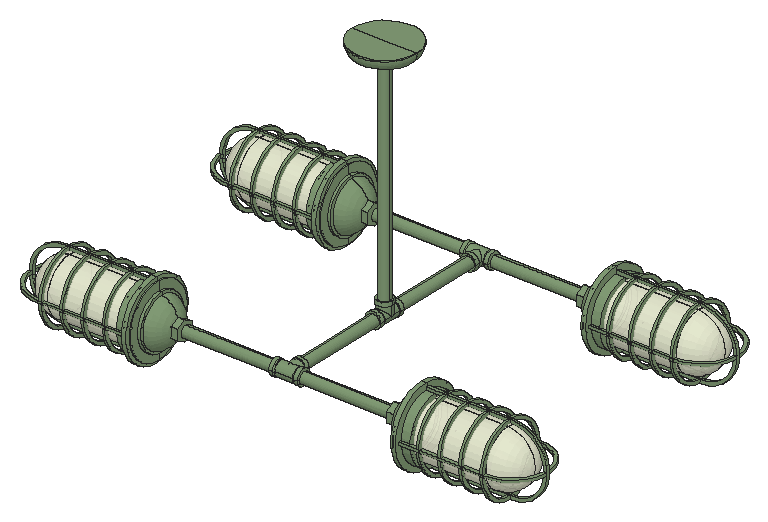
Revit family "PLS2.STXX", category Lighting Fixtures, Revit 2024
Family settings
  Round Connector Dimension = Use Diameter
  Part Type = Normal
  OmniClass Number = 23.80.70.00
  OmniClass Title = Lighting
  Work Plane-Based = No
  Always vertical = Yes
  Cut with Voids When Loaded = No
  Light Source = No
  Maintain Annotation Orientation = No
  Shared = No
  Room Calculation Point = No
Parameters
  Default Elevation = 0' - 0"
Reference planes (in)
  plane 1 "Light Source Axis (F/B)": y = 0
  plane 2: z = 0
  plane 3 "Light Source Axis (L/R)": x = 0
  plane 4 "Light Source Elevation": z = 91.64356
Forms (in)
  Revolve 1, solid, material "55"
    sketch origin (1.43133, 0.00447, 104.02348) x (-1, 0, 0) y (0, 0, -1)
      loop
        line (0.83133, 8.24863) -> (0.99383, 8.24863) -> (0.99383, -8.75137) -> (-0.15915, -8.75137)
        arc (-0.15915, -8.75137) -> (-0.80228, -9.01776) -> (-1.06867, -9.66089) r 0.90952
        line (-1.06867, -9.66089) -> (-1.06867, -9.75137) -> (1.43133, -9.75137) -> (1.43133, 8.24863) -> (1.43133, 9.38966) -> (0.87564, 9.38966) -> (0.87564, 8.54863) -> (0.83133, 8.54863) -> (0.83133, 8.24863)
      axis (1.43133, -9.75137) -> (1.43133, 9.38966)
    angle from 0 to 360
  Revolve 2, solid, material "55"
    sketch origin (-9.36344, -1.41564, 94.68106) x (0.999999, -0.001268, 0) y (0.001268, 0.999999, 0)
      loop
        line (9.36163, 0.31883) -> (9.96163, 0.31883) -> (9.96163, 0.61883)
        arc (9.96163, 0.61883) -> (9.92902, 0.66763) -> (9.91757, 0.7252) r 0.15044
        line (9.91757, 0.7252) -> (9.91757, 2.13745)
        arc (9.91757, 2.13745) -> (9.92902, 2.19502) -> (9.96163, 2.24383) r 0.15044
        line (9.96163, 2.24383) -> (9.96163, 2.54383) -> (9.36163, 2.54383) -> (9.36163, 0.31883)
      axis (9.36163, 0.31883) -> (9.36163, 2.54383)
    angle from 0 to 360
  Revolve 3, solid, material "55"
    sketch origin (-1.43133, 9.3, 6.57775) x (-1, 0, 0) y (0, 0, -1)
      loop
        line (-2.54383, -88.10331) -> (-9.58133, -88.10331) -> (-9.58133, -88.54111) -> (-2.54383, -88.54111) -> (-2.54383, -88.10331)
      axis (-9.58133, -88.10331) -> (-2.54383, -88.10331)
    angle from 0 to 360
  Revolve 4, solid, material "55"
    sketch origin (1.43133, -0.09897, 94.63876) x (-1, 0, 0) y (0, 1, -0.000526)
      loop
        line (0.83133, 8.24863) -> (1.43133, 8.24863) -> (1.43133, 9.38966) -> (0.87564, 9.38966) -> (0.87564, 8.54863) -> (0.83133, 8.54863) -> (0.83133, 8.24863)
      axis (1.43133, 8.24863) -> (1.43133, 9.38966)
    angle from 0 to 360
  Revolve 5, solid, material "55"
    sketch origin (1.43133, -0.06163, 94.68106) x (0, 1, 0) y (-1, 0, 0)
      loop
        line (9.36163, 0.31883) -> (9.96163, 0.31883) -> (9.96163, 0.61883)
        arc (9.96163, 0.61883) -> (9.92902, 0.66763) -> (9.91757, 0.7252) r 0.15044
        line (9.91757, 0.7252) -> (9.91757, 2.13745)
        arc (9.91757, 2.13745) -> (9.92902, 2.19502) -> (9.96163, 2.24383) r 0.15044
        line (9.96163, 2.24383) -> (9.96163, 2.54383) -> (9.36163, 2.54383) -> (9.36163, 0.31883)
      axis (9.36163, 0.31883) -> (9.36163, 2.54383)
    angle from 0 to 360
  Revolve 6, solid, material "55"
    sketch origin (0, -1.42863, 6.57775) x (0, -1, 0) y (0, 0, -1)
      loop
        line (-2.54383, -88.10331) -> (-9.60145, -88.10331) -> (-9.60145, -88.54111) -> (-2.54383, -88.54111) -> (-2.54383, -88.10331)
      axis (-9.60145, -88.10331) -> (-2.54383, -88.10331)
    angle from 0 to 360
  Revolve 7, solid, material "55"
    sketch origin (1.43133, 9.3, 6.57775) x (1, 0, 0) y (0, 0, 1)
      loop
        line (-2.54383, 88.10331) -> (-2.54383, 88.54111) -> (-9.58133, 88.54111) -> (-9.58133, 88.10331) -> (-2.54383, 88.10331)
      axis (-9.58133, 88.10331) -> (-2.54383, 88.10331)
    angle from 0 to 360
  Revolve 8, solid, material "55"
    sketch origin (-1.43133, -9.3, 6.57775) x (-1, 0, 0) y (0, 0, 1)
      loop
        line (-2.54383, 88.10331) -> (-2.54383, 88.54111) -> (-9.58133, 88.54111) -> (-9.58133, 88.10331) -> (-2.54383, 88.10331)
      axis (-9.58133, 88.10331) -> (-2.54383, 88.10331)
    angle from 0 to 360
  Revolve 9, solid, material "55"
    sketch origin (1.43133, 0.09897, 94.63876) x (-1, 0, 0) y (0, 1, 0.000526)
      loop
        line (0.83133, -8.24863) -> (0.83133, -8.54863) -> (0.87564, -8.54863) -> (0.87564, -9.38966) -> (1.43133, -9.38966) -> (1.43133, -8.24863) -> (0.83133, -8.24863)
      axis (1.43133, -8.24863) -> (1.43133, -9.38966)
    angle from 0 to 360
  Revolve 10, solid, material "55"
    sketch origin (1.43133, 0.06163, 94.68106) x (0, 1, 0) y (-1, 0, 0)
      loop
        line (-9.36163, 0.31883) -> (-9.36163, 2.54383) -> (-9.96163, 2.54383) -> (-9.96163, 2.24383)
        arc (-9.96163, 2.24383) -> (-9.92902, 2.19502) -> (-9.91757, 2.13745) r 0.15044
        line (-9.91757, 2.13745) -> (-9.91757, 0.7252)
        arc (-9.91757, 0.7252) -> (-9.92902, 0.66763) -> (-9.96163, 0.61883) r 0.15044
        line (-9.96163, 0.61883) -> (-9.96163, 0.31883) -> (-9.36163, 0.31883)
      axis (-9.36163, 0.31883) -> (-9.36163, 2.54383)
    angle from 0 to 360
  Revolve 11, solid, material "55"
    sketch origin (0, 1.42863, 6.57775) x (0, 1, 0) y (0, 0, 1)
      loop
        line (-2.54383, 88.10331) -> (-2.54383, 88.54111) -> (-9.60145, 88.54111) -> (-9.60145, 88.10331) -> (-2.54383, 88.10331)
      axis (-9.60145, 88.10331) -> (-2.54383, 88.10331)
    angle from 0 to 360
  Revolve 12, solid, material "55"
    sketch origin (1.43133, -9.3, 6.57775) x (1, 0, 0) y (0, 0, -1)
      loop
        line (-2.54383, -88.10331) -> (-9.58133, -88.10331) -> (-9.58133, -88.54111) -> (-2.54383, -88.54111) -> (-2.54383, -88.10331)
      axis (-9.58133, -88.10331) -> (-2.54383, -88.10331)
    angle from 0 to 360
  Extrusion 13, solid, material "55"
    sketch origin (-3.25009, -0.11654, 101.52109) x (0, 0, -1) y (0, 1, 0)
      loop
        line (6.05272, 9.36163) -> (6.44638, 8.6798) -> (7.23369, 8.6798) -> (7.62734, 9.36163) -> (7.23369, 10.04346) -> (6.44638, 10.04346) -> (6.05272, 9.36163)
    from 11.40009 to 12.047
  Revolve 14, solid, material "55"
    sketch origin (95.15115, 9.24706, 101.52109) x (0, 0, 1) y (-1, 0, 0)
      loop
        line (-6.84003, 86.56466) -> (-6.84003, 86.4709)
        arc (-6.84003, 86.4709) -> (-5.692, 86.10354) -> (-4.99589, 85.1195) r 1.90036
        line (-4.99589, 85.1195) -> (-4.84249, 85.1195) -> (-4.84249, 84.83927) -> (-4.18378, 84.83927) -> (-4.18378, 84.71427) -> (-3.93378, 84.71427) -> (-3.93378, 84.52677) -> (-4.39628, 84.52677) -> (-4.39628, 83.77677) -> (-4.62769, 83.77677) -> (-4.62769, 83.68302) -> (-4.30253, 83.68302) -> (-4.30253, 84.43302) -> (-3.84003, 84.43302) -> (-3.84003, 84.80802) -> (-4.09003, 84.80802) -> (-4.09003, 84.93302) -> (-4.74874, 84.93302) -> (-4.74874, 85.21325) -> (-4.92753, 85.21325)
        arc (-4.92753, 85.21325) -> (-5.66451, 86.19926) -> (-6.84003, 86.56466) r 1.99411
      loop
        line (-4.66282, 78.03154) -> (-4.66282, 84.43302) -> (-4.75657, 84.43302) -> (-4.75657, 78.0333)
        arc (-4.75657, 78.0333) -> (-5.39398, 76.61211) -> (-6.83922, 76.03129) r 2.08125
        line (-6.83922, 76.03129) -> (-6.83922, 75.93754)
        arc (-6.83922, 75.93754) -> (-5.32832, 76.5452) -> (-4.66282, 78.03154) r 2.175
      loop
        line (-4.30253, 82.78302) -> (-4.05253, 82.78302) -> (-4.05253, 82.98302) -> (-4.30253, 82.98302) -> (-4.30253, 82.78302)
      loop
        line (-4.30253, 81.13302) -> (-4.05253, 81.13302) -> (-4.05253, 81.33302) -> (-4.30253, 81.33302) -> (-4.30253, 81.13302)
      loop
        line (-4.30253, 79.48302) -> (-4.05253, 79.48302) -> (-4.05253, 79.68302) -> (-4.30253, 79.68302) -> (-4.30253, 79.48302)
      loop
        line (-4.30253, 77.83302) -> (-4.05253, 77.83302) -> (-4.05253, 78.03302) -> (-4.30253, 78.03302) -> (-4.30253, 77.83302)
      axis (-6.84003, 86.56466) -> (-6.84003, 75.93754)
    angle from 0 to 360
  Extrusion 15, solid, material "55"
    sketch origin (95.15115, 7.89908, 101.52109) x (0, 0, 1) y (-1, 0, 0)
      loop
        line (-4.05253, 77.72052) -> (-4.05253, 84.43302) -> (-4.30253, 84.43302) -> (-4.30253, 77.72052)
        arc (-4.30253, 77.72052) -> (-5.12109, 75.85393) -> (-7.04867, 75.19161) r 2.5375
        arc (-7.04867, 75.19161) -> (-8.70662, 76.00158) -> (-9.37753, 77.72052) r 2.5375
        line (-9.37753, 77.72052) -> (-9.37753, 84.43302) -> (-9.62753, 84.43302) -> (-9.62753, 77.72052)
        arc (-9.62753, 77.72052) -> (-6.84003, 74.93302) -> (-4.05253, 77.72052) r 2.7875
    from -1.44798 to -1.24798
  Extrusion 16, solid, material "55"
    sketch origin (95.15115, -0.10092, 89.27235) x (-1, 0, 0) y (0, -1, 0)
      loop
        line (77.72052, -12.13548) -> (84.43302, -12.13548) -> (84.43302, -11.88548) -> (77.72052, -11.88548)
        arc (77.72052, -11.88548) -> (75.80176, -11.00849) -> (75.2093, -8.98371) r 2.5375
        arc (75.2093, -8.98371) -> (76.06001, -7.42922) -> (77.72052, -6.81048) r 2.5375
        line (77.72052, -6.81048) -> (84.43302, -6.81048) -> (84.43302, -6.56048) -> (77.72052, -6.56048)
        arc (77.72052, -6.56048) -> (74.93302, -9.34798) -> (77.72052, -12.13548) r 2.7875
    from 5.30871 to 5.50871
  Extrusion 17, solid, material "55"
    sketch origin (3.25009, -0.11654, 101.52109) x (0, 0, -1) y (0, -1, 0)
      loop
        line (6.05272, -9.36163) -> (6.44638, -10.04346) -> (7.23369, -10.04346) -> (7.62734, -9.36163) -> (7.23369, -8.6798) -> (6.44638, -8.6798) -> (6.05272, -9.36163)
    from 11.40009 to 12.047
  Revolve 18, solid, material "55"
    sketch origin (-95.15115, 9.24706, 101.52109) x (0, 0, 1) y (-1, 0, 0)
      loop
        arc (-6.84003, -86.56466) -> (-5.66451, -86.19926) -> (-4.92753, -85.21325) r 1.99411
        line (-4.92753, -85.21325) -> (-4.74874, -85.21325) -> (-4.74874, -84.93302) -> (-4.09003, -84.93302) -> (-4.09003, -84.80802) -> (-3.84003, -84.80802) -> (-3.84003, -84.43302) -> (-4.30253, -84.43302) -> (-4.30253, -83.68302) -> (-4.62769, -83.68302) -> (-4.62769, -83.77677) -> (-4.39628, -83.77677) -> (-4.39628, -84.52677) -> (-3.93378, -84.52677) -> (-3.93378, -84.71427) -> (-4.18378, -84.71427) -> (-4.18378, -84.83927) -> (-4.84249, -84.83927) -> (-4.84249, -85.1195) -> (-4.99589, -85.1195)
        arc (-4.99589, -85.1195) -> (-5.692, -86.10354) -> (-6.84003, -86.4709) r 1.90036
        line (-6.84003, -86.4709) -> (-6.84003, -86.56466)
      loop
        arc (-4.66282, -78.03154) -> (-5.32832, -76.5452) -> (-6.83922, -75.93754) r 2.175
        line (-6.83922, -75.93754) -> (-6.83922, -76.03129)
        arc (-6.83922, -76.03129) -> (-5.39398, -76.61211) -> (-4.75657, -78.0333) r 2.08125
        line (-4.75657, -78.0333) -> (-4.75657, -84.43302) -> (-4.66282, -84.43302) -> (-4.66282, -78.03154)
      loop
        line (-4.30253, -82.78302) -> (-4.30253, -82.98302) -> (-4.05253, -82.98302) -> (-4.05253, -82.78302) -> (-4.30253, -82.78302)
      loop
        line (-4.30253, -81.13302) -> (-4.30253, -81.33302) -> (-4.05253, -81.33302) -> (-4.05253, -81.13302) -> (-4.30253, -81.13302)
      loop
        line (-4.30253, -79.48302) -> (-4.30253, -79.68302) -> (-4.05253, -79.68302) -> (-4.05253, -79.48302) -> (-4.30253, -79.48302)
      loop
        line (-4.30253, -77.83302) -> (-4.30253, -78.03302) -> (-4.05253, -78.03302) -> (-4.05253, -77.83302) -> (-4.30253, -77.83302)
      axis (-6.84003, -86.56466) -> (-6.84003, -75.93754)
    angle from 0 to 360
  Extrusion 19, solid, material "55"
    sketch origin (-95.15115, 7.89908, 101.52109) x (0, 0, 1) y (-1, 0, 0)
      loop
        arc (-4.05253, -77.72052) -> (-6.84003, -74.93302) -> (-9.62753, -77.72052) r 2.7875
        line (-9.62753, -77.72052) -> (-9.62753, -84.43302) -> (-9.37753, -84.43302) -> (-9.37753, -77.72052)
        arc (-9.37753, -77.72052) -> (-8.70662, -76.00158) -> (-7.04867, -75.19161) r 2.5375
        arc (-7.04867, -75.19161) -> (-5.12109, -75.85393) -> (-4.30253, -77.72052) r 2.5375
        line (-4.30253, -77.72052) -> (-4.30253, -84.43302) -> (-4.05253, -84.43302) -> (-4.05253, -77.72052)
    from -1.44798 to -1.24798
  Extrusion 20, solid, material "55"
    sketch origin (-95.15115, -0.10092, 89.27235) x (-1, 0, 0) y (0, -1, 0)
      loop
        arc (-77.72052, -12.13548) -> (-74.93302, -9.34798) -> (-77.72052, -6.56048) r 2.7875
        line (-77.72052, -6.56048) -> (-84.43302, -6.56048) -> (-84.43302, -6.81048) -> (-77.72052, -6.81048)
        arc (-77.72052, -6.81048) -> (-76.06001, -7.42922) -> (-75.2093, -8.98371) r 2.5375
        arc (-75.2093, -8.98371) -> (-75.80176, -11.00849) -> (-77.72052, -11.88548) r 2.5375
        line (-77.72052, -11.88548) -> (-84.43302, -11.88548) -> (-84.43302, -12.13548) -> (-77.72052, -12.13548)
    from 5.30871 to 5.50871
  Extrusion 21, solid, material "55"
    sketch origin (-3.25009, 0.05404, 101.52109) x (0, 0, -1) y (0, 1, 0)
      loop
        line (6.05272, -9.36163) -> (6.44638, -10.04346) -> (7.23369, -10.04346) -> (7.62734, -9.36163) -> (7.23369, -8.6798) -> (6.44638, -8.6798) -> (6.05272, -9.36163)
    from 11.40009 to 12.047
  Revolve 22, solid, material "55"
    sketch origin (95.15115, -9.30956, 101.52109) x (0, 0, 1) y (1, 0, 0)
      loop
        arc (-6.84003, -86.56466) -> (-5.66451, -86.19926) -> (-4.92753, -85.21325) r 1.99411
        line (-4.92753, -85.21325) -> (-4.74874, -85.21325) -> (-4.74874, -84.93302) -> (-4.09003, -84.93302) -> (-4.09003, -84.80802) -> (-3.84003, -84.80802) -> (-3.84003, -84.43302) -> (-4.30253, -84.43302) -> (-4.30253, -83.68302) -> (-4.62769, -83.68302) -> (-4.62769, -83.77677) -> (-4.39628, -83.77677) -> (-4.39628, -84.52677) -> (-3.93378, -84.52677) -> (-3.93378, -84.71427) -> (-4.18378, -84.71427) -> (-4.18378, -84.83927) -> (-4.84249, -84.83927) -> (-4.84249, -85.1195) -> (-4.99589, -85.1195)
        arc (-4.99589, -85.1195) -> (-5.692, -86.10354) -> (-6.84003, -86.4709) r 1.90036
        line (-6.84003, -86.4709) -> (-6.84003, -86.56466)
      loop
        arc (-4.66282, -78.03154) -> (-5.32832, -76.5452) -> (-6.83922, -75.93754) r 2.175
        line (-6.83922, -75.93754) -> (-6.83922, -76.03129)
        arc (-6.83922, -76.03129) -> (-5.39398, -76.61211) -> (-4.75657, -78.0333) r 2.08125
        line (-4.75657, -78.0333) -> (-4.75657, -84.43302) -> (-4.66282, -84.43302) -> (-4.66282, -78.03154)
      loop
        line (-4.30253, -82.78302) -> (-4.30253, -82.98302) -> (-4.05253, -82.98302) -> (-4.05253, -82.78302) -> (-4.30253, -82.78302)
      loop
        line (-4.30253, -81.13302) -> (-4.30253, -81.33302) -> (-4.05253, -81.33302) -> (-4.05253, -81.13302) -> (-4.30253, -81.13302)
      loop
        line (-4.30253, -79.48302) -> (-4.30253, -79.68302) -> (-4.05253, -79.68302) -> (-4.05253, -79.48302) -> (-4.30253, -79.48302)
      loop
        line (-4.30253, -77.83302) -> (-4.30253, -78.03302) -> (-4.05253, -78.03302) -> (-4.05253, -77.83302) -> (-4.30253, -77.83302)
      axis (-6.84003, -86.56466) -> (-6.84003, -75.93754)
    angle from 0 to 360
  Extrusion 23, solid, material "55"
    sketch origin (95.15115, -7.96158, 101.52109) x (0, 0, 1) y (1, 0, 0)
      loop
        arc (-4.05253, -77.72052) -> (-6.84003, -74.93302) -> (-9.62753, -77.72052) r 2.7875
        line (-9.62753, -77.72052) -> (-9.62753, -84.43302) -> (-9.37753, -84.43302) -> (-9.37753, -77.72052)
        arc (-9.37753, -77.72052) -> (-8.70662, -76.00158) -> (-7.04867, -75.19161) r 2.5375
        arc (-7.04867, -75.19161) -> (-5.12109, -75.85393) -> (-4.30253, -77.72052) r 2.5375
        line (-4.30253, -77.72052) -> (-4.30253, -84.43302) -> (-4.05253, -84.43302) -> (-4.05253, -77.72052)
    from -1.44798 to -1.24798
  Extrusion 24, solid, material "55"
    sketch origin (95.15115, 0.03842, 89.27235) x (1, 0, 0) y (0, 1, 0)
      loop
        arc (-77.72052, -12.13548) -> (-74.93302, -9.34798) -> (-77.72052, -6.56048) r 2.7875
        line (-77.72052, -6.56048) -> (-84.43302, -6.56048) -> (-84.43302, -6.81048) -> (-77.72052, -6.81048)
        arc (-77.72052, -6.81048) -> (-76.06001, -7.42922) -> (-75.2093, -8.98371) r 2.5375
        arc (-75.2093, -8.98371) -> (-75.80176, -11.00849) -> (-77.72052, -11.88548) r 2.5375
        line (-77.72052, -11.88548) -> (-84.43302, -11.88548) -> (-84.43302, -12.13548) -> (-77.72052, -12.13548)
    from 5.30871 to 5.50871
  Extrusion 25, solid, material "55"
    sketch origin (3.25009, 0.05404, 101.52109) x (0, 0, -1) y (0, -1, 0)
      loop
        line (6.05272, 9.36163) -> (6.44638, 8.6798) -> (7.23369, 8.6798) -> (7.62734, 9.36163) -> (7.23369, 10.04346) -> (6.44638, 10.04346) -> (6.05272, 9.36163)
    from 11.40009 to 12.047
  Revolve 26, solid, material "55"
    sketch origin (-95.15115, -9.30956, 101.52109) x (0, 0, 1) y (1, 0, 0)
      loop
        line (-6.84003, 86.56466) -> (-6.84003, 86.4709)
        arc (-6.84003, 86.4709) -> (-5.692, 86.10354) -> (-4.99589, 85.1195) r 1.90036
        line (-4.99589, 85.1195) -> (-4.84249, 85.1195) -> (-4.84249, 84.83927) -> (-4.18378, 84.83927) -> (-4.18378, 84.71427) -> (-3.93378, 84.71427) -> (-3.93378, 84.52677) -> (-4.39628, 84.52677) -> (-4.39628, 83.77677) -> (-4.62769, 83.77677) -> (-4.62769, 83.68302) -> (-4.30253, 83.68302) -> (-4.30253, 84.43302) -> (-3.84003, 84.43302) -> (-3.84003, 84.80802) -> (-4.09003, 84.80802) -> (-4.09003, 84.93302) -> (-4.74874, 84.93302) -> (-4.74874, 85.21325) -> (-4.92753, 85.21325)
        arc (-4.92753, 85.21325) -> (-5.66451, 86.19926) -> (-6.84003, 86.56466) r 1.99411
      loop
        line (-4.66282, 78.03154) -> (-4.66282, 84.43302) -> (-4.75657, 84.43302) -> (-4.75657, 78.0333)
        arc (-4.75657, 78.0333) -> (-5.39398, 76.61211) -> (-6.83922, 76.03129) r 2.08125
        line (-6.83922, 76.03129) -> (-6.83922, 75.93754)
        arc (-6.83922, 75.93754) -> (-5.32832, 76.5452) -> (-4.66282, 78.03154) r 2.175
      loop
        line (-4.30253, 82.78302) -> (-4.05253, 82.78302) -> (-4.05253, 82.98302) -> (-4.30253, 82.98302) -> (-4.30253, 82.78302)
      loop
        line (-4.30253, 81.13302) -> (-4.05253, 81.13302) -> (-4.05253, 81.33302) -> (-4.30253, 81.33302) -> (-4.30253, 81.13302)
      loop
        line (-4.30253, 79.48302) -> (-4.05253, 79.48302) -> (-4.05253, 79.68302) -> (-4.30253, 79.68302) -> (-4.30253, 79.48302)
      loop
        line (-4.30253, 77.83302) -> (-4.05253, 77.83302) -> (-4.05253, 78.03302) -> (-4.30253, 78.03302) -> (-4.30253, 77.83302)
      axis (-6.84003, 86.56466) -> (-6.84003, 75.93754)
    angle from 0 to 360
  Extrusion 27, solid, material "55"
    sketch origin (-95.15115, -7.96158, 101.52109) x (0, 0, 1) y (1, 0, 0)
      loop
        line (-4.05253, 77.72052) -> (-4.05253, 84.43302) -> (-4.30253, 84.43302) -> (-4.30253, 77.72052)
        arc (-4.30253, 77.72052) -> (-5.12109, 75.85393) -> (-7.04867, 75.19161) r 2.5375
        arc (-7.04867, 75.19161) -> (-8.70662, 76.00158) -> (-9.37753, 77.72052) r 2.5375
        line (-9.37753, 77.72052) -> (-9.37753, 84.43302) -> (-9.62753, 84.43302) -> (-9.62753, 77.72052)
        arc (-9.62753, 77.72052) -> (-6.84003, 74.93302) -> (-4.05253, 77.72052) r 2.7875
    from -1.44798 to -1.24798
  Extrusion 28, solid, material "55"
    sketch origin (-95.15115, 0.03842, 89.27235) x (1, 0, 0) y (0, 1, 0)
      loop
        line (77.72052, -12.13548) -> (84.43302, -12.13548) -> (84.43302, -11.88548) -> (77.72052, -11.88548)
        arc (77.72052, -11.88548) -> (75.80176, -11.00849) -> (75.2093, -8.98371) r 2.5375
        arc (75.2093, -8.98371) -> (76.06001, -7.42922) -> (77.72052, -6.81048) r 2.5375
        line (77.72052, -6.81048) -> (84.43302, -6.81048) -> (84.43302, -6.56048) -> (77.72052, -6.56048)
        arc (77.72052, -6.56048) -> (74.93302, -9.34798) -> (77.72052, -12.13548) r 2.7875
    from 5.30871 to 5.50871
Dimensions and locks (in)
  aligned and locked: level to plane 2
